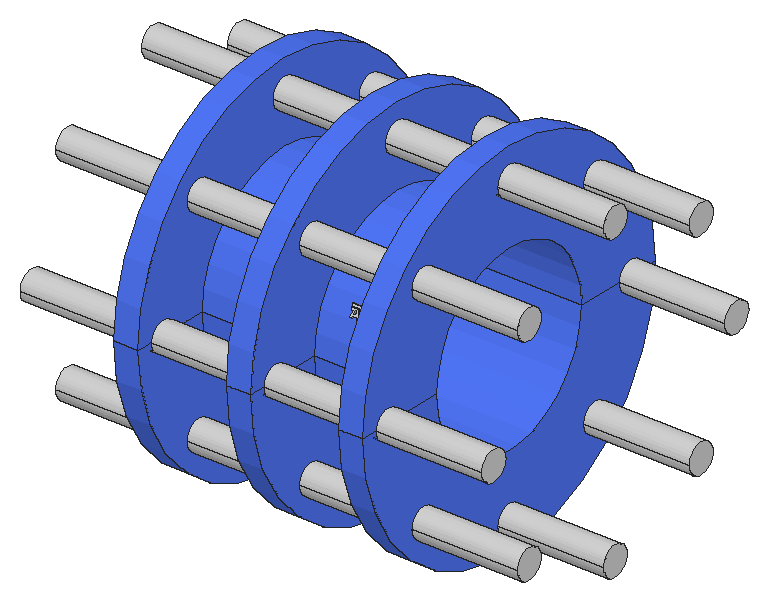
Revit family "873-00-002-DN65-150", category Pipe Accessories, Revit 2019
Family settings
  Round Connector Dimension = Use Diameter
  Part Type = Valve - Breaks Into
  Work Plane-Based = No
  Always vertical = Yes
  Cut with Voids When Loaded = No
  Shared = No
Parameters (values of type "DN150")
  d2 = size_lookup(Search_table, "d2", 0 mm, DN) / 2  # 150 mm
  d1 = size_lookup(Search_table, "d1", 0 mm, DN)  # 250 mm
  URL product pages = "https://www.avkvalves.com/P.aspx?no=873004000741000"
  T = size_lookup(Search_table, "T", 0 mm, DN)  # 24 mm
  L = size_lookup(Search_table, "L", 0 mm, DN)  # 380 mm
  Id(Radius) = DN / 2  # 75 mm
  Flange_thickness = 20 mm  # constant formula
  Description_ = "AVK DISMANTLING JOINT"
  DN = 150 mm
  Search_table = "873-00-002-DN65-150"
  Body_Wallthicknss = 10 mm  # constant formula
  A = size_lookup(Search_table, "A", 0 mm, DN)  # 205 mm
  873-0065-00-741000 = "DN65_PN25"
  873-0150-00-741000 = "DN150_PN25"
  873-0125-00-741000 = "DN125_PN25"
  873-0100-00-741000 = "DN100_PN25"
  873-0080-00-741000 = "DN80_PN25"
Types (6, lengths in mm): name | d2 | d1 | T | L | Id(Radius) | DN | A
  (no name) | 150 | 250 | 24 | 380 | 75 | 150 | 205
  DN065 | 92.5 | 145 | 16 | 330 | 32.5 | 65 | 190
  DN080 | 100 | 160 | 16 | 340 | 40 | 80 | 185
  DN100 | 117.5 | 190 | 20 | 370 | 50 | 100 | 195
  DN125 | 135 | 220 | 24 | 380 | 62.5 | 125 | 195
  DN150 | 150 | 250 | 24 | 380 | 75 | 150 | 205
Reference planes
  plane 1 "Center (Front/Back)": y = 0
  plane 2: z = 0
  plane 3 "Center (Left/Right)": x = 0
  plane 4: y = 32.5
  plane 5: y = -30
  plane 6: z = 125
  plane 7: z = -125
  plane 8: y = 125
  plane 9: y = -125
  plane 10: x = -190
  plane 11: x = 190
  plane 12: through (0, 0, 0) normal (0, 0.7071, 0.7071)
  plane 13: through (0, 0, 0) normal (0, 0.7071, -0.7071)
  plane 14: x = -102.5
  plane 15: x = 102.5
  plane 16: z = 150
  plane 17: z = -150
Forms (mm)
  Revolve 1, solid, material "Plastic"
    sketch origin (0, 0, 0) x (1, 0, 0) y (0, 1, 0)
      loop
        line (-82.5, 150) -> (-102.5, 150) -> (-102.5, 75) -> (102.5, 75) -> (102.5, 150) -> (82.5, 150) -> (82.5, 85) -> (10, 85) -> (10, 150) -> (-10, 150) -> (-10, 85) -> (-82.5, 85) -> (-82.5, 150)
      axis (-102.5, 0) -> (102.5, 0)
    angle from 0 to 360
  Extrusion 2, solid, material "Stainless Steel AISI 304"
    sketch origin (0, 0, 0) x (0, 1, 0) y (0, 0, 1)
      loop
        circle (0, 125) r 12
      loop
        circle (-125, 0) r 12
      loop
        circle (0, -125) r 12
      loop
        circle (125, 0) r 12
      loop
        circle (-88.388, 88.388) r 12
      loop
        circle (88.388, -88.388) r 12
      loop
        circle (88.388, 88.388) r 12
      loop
        circle (-88.388, -88.388) r 12
    from -190 to 190
Dimensions and locks
  "Flange_thickness": Revolve 1 sketch curve to Revolve 1 sketch curve  (x3)
  equal spacing: Revolve 1 sketch curve, plane 3 "Center (Left/Right)", Revolve 1 sketch curve  (x2)
  "A": Revolve 1 sketch curve to Revolve 1 sketch curve
  "Id(Radius)": plane 1 "Center (Front/Back)" to Revolve 1 sketch curve
  "Body_Wallthicknss": Revolve 1 sketch curve to Revolve 1 sketch curve
  "d2": plane 1 "Center (Front/Back)" to Revolve 1 sketch curve
  equal spacing: plane 6, level, plane 7
  equal spacing: plane 8, plane 1 "Center (Front/Back)", plane 9
  "d1": plane 8 to plane 9
  "d1": plane 6 to plane 7
  equal spacing: Extrusion 2 sketch curve, level, Extrusion 2 sketch curve
  equal spacing: Extrusion 2 sketch curve, plane 1 "Center (Front/Back)", Extrusion 2 sketch curve
  "d1": Extrusion 2 sketch curve to Extrusion 2 sketch curve  (x4)
  equal spacing: plane 11, plane 3 "Center (Left/Right)", plane 10
  "L": plane 11 to plane 10
  equal spacing: Extrusion 2 sketch curve, plane 13, Extrusion 2 sketch curve
  equal spacing: Extrusion 2 sketch curve, plane 12, Extrusion 2 sketch curve
  plane 6 to plane 7 = 250 mm
  equal spacing: plane 15, plane 3 "Center (Left/Right)", plane 14
  "A": plane 15 to plane 14
  plane 16 to plane 17 = 300 mm
  equal spacing: plane 16, level, plane 17
  "d2": level to plane 17
  "T": diameter of Extrusion 2 sketch curve  (x8)
  locked: plane 1 "Center (Front/Back)" to plane 13 (angle 45.00°)
  locked: plane 12 to plane 1 "Center (Front/Back)" (angle 45.00°)
  aligned and locked: level to plane 2
  aligned and locked: Revolve 1 sketch curve to Revolve 1 sketch curve  (x3)
  aligned and locked: plane 1 "Center (Front/Back)" to Revolve 1 sketch curve
  aligned and locked: Extrusion 2 to plane 10
  aligned and locked: plane 11 to Extrusion 2
Automatic sketch dimensions
  Revolve 1 sketch curve to plane 3 "Center (Left/Right)" = 37.5 mm
  plane 3 "Center (Left/Right)" to Revolve 1 sketch curve = 37.5 mm
  plane 13 to Extrusion 2 sketch curve = 0 mm  (x2)
  Extrusion 2 sketch curve to plane 12 = 0 mm  (x2)
  Extrusion 2 sketch curve to plane 1 "Center (Front/Back)" = 0 mm  (x2)
  Extrusion 2 sketch curve to level = 0 mm  (x2)
Nested families
  nested 1: "Latest 1 - Copy" at (44.203, -77.795, 34.248) x (1, 0, 0) z (0, -0.9152, 0.4029), type "Latest 1 - Copy"
Connectors
  piping at (102.5, 0, 0), diameter 150, driven by "DN"
    settings: on Revolve 1, index 1, connector inside diameter 609.6 mm, connector length 0 mm, flow factor 0, pipe flow 0.0 L/s, pressure drop 0.0 Pa, fitting loss kfactor 0, connector angle 0.00°, fixture units 0, engagement length 0 mm, angle of deflection 0.00°, flow configuration 0, flow direction 0, fitting loss method 0, system type 7, joint type 0, gender type 0, connector reference index -1, connector utility 0, adjustable connector no, is connector primary yes, connector description ""
  piping at (-102.5, 0, 0), diameter 150, driven by "DN"
    settings: on Revolve 1, index 2, connector inside diameter 609.6 mm, connector length 0 mm, flow factor 0, pipe flow 0.0 L/s, pressure drop 0.0 Pa, fitting loss kfactor 0, connector angle 0.00°, fixture units 0, engagement length 0 mm, angle of deflection 0.00°, flow configuration 0, flow direction 0, fitting loss method 0, system type 7, joint type 0, gender type 0, connector reference index -1, connector utility 0, adjustable connector no, is connector primary no, connector description ""
Definition of nested family "Latest 1 - Copy"
  Parameters
    Default Elevation = 1219.2 mm
  Reference planes
    plane 1 "Center (Front/Back)": y = 0
    plane 2: z = 0
    plane 3 "Center (Left/Right)": x = 0
  Forms (mm)
    Extrusion 1, solid
      sketch origin (0, 0, 0) x (1, 0, 0) y (0, 1, 0)
        loop
          line (-1219.2, 1219.2) -> (-1219.2, -1219.2) -> (1219.2, -1219.2) -> (1219.2, 1219.2) -> (-1219.2, 1219.2)
      from 0 to -304.8
    Extrusion 2, solid
      sketch origin (0, 0, 0) x (1, 0, 0) y (0, 1, 0)
        loop
          line (-2.683, 9.413) -> (-9.884, 9.413) -> (-9.884, 7.46) -> (-4.022, 7.46) -> (-0.985, 0) -> (0.985, 0) -> (4.022, 7.46) -> (9.884, 7.46) -> (9.884, 9.413) -> (2.683, 9.413) -> (0, 2.824) -> (-2.683, 9.413)
        loop
          line (-4.528, 6.707) -> (-9.884, 6.707) -> (-9.884, 4.824) -> (-8.032, 4.824) -> (-9.884, 0) -> (-7.792, 0) -> (-7.394, 1.035) -> (-4.328, 1.035) -> (-3.907, 0) -> (-1.798, 0) -> (-4.528, 6.707)
        loop
          line (-6.91, 2.824) -> (-5.056, 2.824) -> (-6.01, 5.167) -> (-6.91, 2.824)
        loop
          line (1.798, 0) -> (3.907, 0) -> (4.98, 2.637) -> (6.968, 0) -> (9.413, 0) -> (7.166, 2.983)
          arc (7.166, 2.983) -> (8.216, 3.774) -> (9.007, 4.824) r 4.724
          line (9.007, 4.824) -> (9.884, 4.824) -> (9.884, 6.707) -> (8.001, 6.707)
          arc (8.001, 6.707) -> (7.315, 5.008) -> (5.642, 4.261) r 2.448
          line (5.642, 4.261) -> (6.637, 6.707) -> (4.528, 6.707) -> (1.798, 0)
      from 0 to 1
  Dimensions and locks
    aligned and locked: plane 2 to Extrusion 1
    aligned and locked: level to Extrusion 1
    aligned and locked: Extrusion 2 sketch curve to import instance  (x30)
